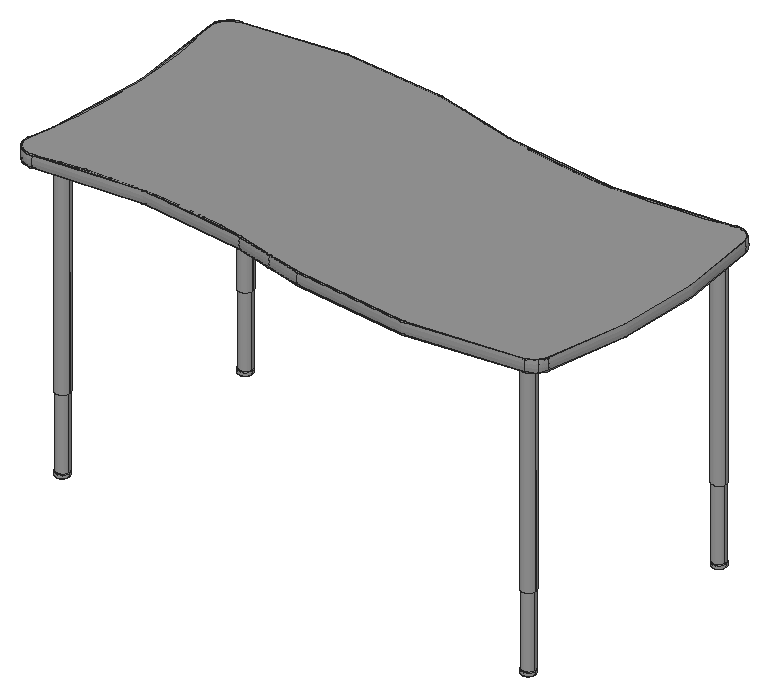
Revit family "Creator Rectangle - Shapes", category Generic Models, Revit 2018
Family settings
  Can host rebar = No
  Round Connector Dimension = Use Diameter
  Part Type = Normal
  Work Plane-Based = No
  Always vertical = Yes
  Cut with Voids When Loaded = No
  Shared = No
  Room Calculation Point = No
Parameters
  Surface = Creator Rectangle S Surface
  Shapes Leg Finish = Shapes Leg Platinum
  Table Height = 2' - 6"
  Caster/Glider = Shapes Leg - Glider : Shapes Leg - Glider
  Edgeband = Creator Rectangle S Edgeband
Reference planes (in)
  plane 1 "Center (Front/Back)": y = 0
  plane 2: z = 0
  plane 3 "Center (Left/Right)": x = 0
  plane 4: z = 30
Dimensions and locks (in)
  "Table Height": plane 4 to level
  aligned and locked: plane 2 to level
  aligned and locked: nested 1 to plane 4
Nested families (in)
  nested 1: "Creator Rectangle Tabletop" at (0, 0, 2.85825), type "Creator Rectangle Tabletop"
  nested 2: "Shapes Leg - Glider" at (-25, 15, 0), Leg Height <- "Table Height", Shapes Leg Finish <- "Shapes Leg Finish", type "Shapes Leg - Glider"
    with Shapes Leg Finish Shapes Leg Platinum, Leg Height 2' - 6"
  nested 3: "Shapes Leg - Glider" at (26, 14, 0), Leg Height <- "Table Height", type <- "Caster/Glider", Shapes Leg Finish <- "Shapes Leg Finish", type "Shapes Leg - Glider"
    with Shapes Leg Finish Shapes Leg Platinum, Leg Height 2' - 6"
  nested 4: "Shapes Leg - Glider" at (25, -10, 0), Leg Height <- "Table Height", type <- "Caster/Glider", Shapes Leg Finish <- "Shapes Leg Finish", type "Shapes Leg - Glider"
    with Shapes Leg Finish Shapes Leg Platinum, Leg Height 2' - 6"
  nested 5: "Shapes Leg - Glider" at (-26, -8, 0), Leg Height <- "Table Height", Shapes Leg Finish <- "Shapes Leg Finish", type "Shapes Leg - Glider"
    with Shapes Leg Finish Shapes Leg Platinum, Leg Height 2' - 6"
Definition of nested family "Creator Rectangle Tabletop"
  Parameters (values of type "Creator Rectangle Tabletop")
    Surface = none
    Edgeband = none
  Reference planes (in)
    plane 1 "Center (Front/Back)": y = 0
    plane 2: z = 0
    plane 3 "Center (Left/Right)": x = 0
  Forms (in)
    Extrusion 1, solid, material <- "Surface"
      sketch origin (0, 0, 0) x (1, 0, 0) y (0, 1, 0)
        loop
          arc (-29.19986, 15.69428) -> (-27.92865, 4.95224) -> (-28.62982, -5.842) r 59.30224
          arc (-28.62982, -5.842) -> (-28.855, -7.15657) -> (-29.11545, -8.4646) r 49.57917
          arc (-29.11545, -8.4646) -> (-28.65109, -10.13577) -> (-27.01458, -10.71045) r 1.87434
          arc (-27.01458, -10.71045) -> (-16.05787, -9.66468) -> (-5.10117, -10.71045) r 57.9207
          arc (-5.10117, -10.71045) -> (-3.13245, -11.12586) -> (-1.17961, -11.61048) r 57.02282
          arc (-1.17961, -11.61048) -> (0.67914, -12.07369) -> (2.5523, -12.47472) r 57.49771
          arc (2.5523, -12.47472) -> (14.45174, -13.54766) -> (26.31533, -12.13237) r 57.36355
          arc (26.31533, -12.13237) -> (26.85079, -11.92008) -> (27.29642, -11.55511) r 1.87289
          arc (27.29642, -11.55511) -> (27.56018, -11.17663) -> (27.72509, -10.74579) r 1.90258
          arc (27.72509, -10.74579) -> (29.38608, 1.99166) -> (28.11571, 14.77397) r 56.28179
          arc (28.11571, 14.77397) -> (27.25665, 15.98554) -> (25.78753, 16.20359) r 1.89202
          arc (25.78753, 16.20359) -> (13.85864, 14.95915) -> (1.92974, 16.20359) r 57.79602
          line (1.92974, 16.20359) -> (-1.00377, 16.90469) -> (-3.9174, 17.60126)
          arc (-3.9174, 17.60126) -> (-5.38721, 17.89033) -> (-6.8633, 18.14537) r 64.8201
          arc (-6.8633, 18.14537) -> (-17.31283, 18.84311) -> (-27.71151, 17.59929) r 56.47113
          arc (-27.71151, 17.59929) -> (-28.80104, 16.91661) -> (-29.19986, 15.69428) r 1.88603
      from 27.14175 to 28.39175
    Sweep 2, solid, material <- "Edgeband"
      path in 3D
        loop
          arc (27.72509, -10.74579, 28.39175) -> (27.56018, -11.17663, 28.39175) -> (27.29642, -11.55511, 28.39175) r 1.90258
          arc (27.29642, -11.55511, 28.39175) -> (26.85079, -11.92008, 28.39175) -> (26.31533, -12.13237, 28.39175) r 1.87289
          arc (26.31533, -12.13237, 28.39175) -> (14.45174, -13.54766, 28.39175) -> (2.5523, -12.47472, 28.39175) r 57.36355
          arc (2.5523, -12.47472, 28.39175) -> (0.67914, -12.07369, 28.39175) -> (-1.17961, -11.61048, 28.39175) r 57.49771
          arc (-1.17961, -11.61048, 28.39175) -> (-3.13245, -11.12586, 28.39175) -> (-5.10117, -10.71045, 28.39175) r 57.02282
          arc (-5.10117, -10.71045, 28.39175) -> (-16.05787, -9.66468, 28.39175) -> (-27.01458, -10.71045, 28.39175) r 57.9207
          arc (-27.01458, -10.71045, 28.39175) -> (-28.65109, -10.13577, 28.39175) -> (-29.11545, -8.4646, 28.39175) r 1.87434
          arc (-29.11545, -8.4646, 28.39175) -> (-28.855, -7.15657, 28.39175) -> (-28.62982, -5.842, 28.39175) r 49.57917
          arc (-28.62982, -5.842, 28.39175) -> (-27.92865, 4.95224, 28.39175) -> (-29.19986, 15.69428, 28.39175) r 59.30224
          arc (-29.19986, 15.69428, 28.39175) -> (-28.80104, 16.91661, 28.39175) -> (-27.71151, 17.59929, 28.39175) r 1.88603
          arc (-27.71151, 17.59929, 28.39175) -> (-17.31283, 18.84311, 28.39175) -> (-6.8633, 18.14537, 28.39175) r 56.47113
          arc (-6.8633, 18.14537, 28.39175) -> (-5.38721, 17.89033, 28.39175) -> (-3.9174, 17.60126, 28.39175) r 64.8201
          line (-3.9174, 17.60126, 28.39175) -> (-1.00377, 16.90469, 28.39175) -> (1.92974, 16.20359, 28.39175)
          arc (1.92974, 16.20359, 28.39175) -> (13.85864, 14.95915, 28.39175) -> (25.78753, 16.20359, 28.39175) r 57.79602
          arc (25.78753, 16.20359, 28.39175) -> (27.25665, 15.98554, 28.39175) -> (28.11571, 14.77397, 28.39175) r 1.89202
          arc (28.11571, 14.77397, 28.39175) -> (29.38608, 1.99166, 28.39175) -> (27.72509, -10.74579, 28.39175) r 56.28179
      profile origin (29.38608, 1.99166, 28.39175) x (0.999883, -0.015304, 0) y (0, 0, 1)
        loop
          arc (0.02473, -0.04019) -> (0.00719, -0.01258) -> (-0.02301, 0) r 0.05443
          line (-0.02301, 0) -> (-0.02301, -1.25)
          arc (-0.02301, -1.25) -> (0.00718, -1.23764) -> (0.02473, -1.21013) r 0.05394
          arc (0.02473, -1.21013) -> (0.10134, -0.62516) -> (0.02473, -0.04019) r 2.27143
  Lines and regions (in)
    sketch lines
      curve 1: arc (28.11571, 14.77397, 28.39175) -> (29.38608, 1.99166, 28.39175) -> (27.72509, -10.74579, 28.39175) r 56.28179
      curve 2: arc (25.78753, 16.20359, 28.39175) -> (27.25665, 15.98554, 28.39175) -> (28.11571, 14.77397, 28.39175) r 1.89202
      curve 3: arc (1.92974, 16.20359, 28.39175) -> (13.85864, 14.95915, 28.39175) -> (25.78753, 16.20359, 28.39175) r 57.79602
      curve 4: line (1.92974, 16.20359, 28.39175) -> (-1.00377, 16.90469, 28.39175)
      curve 5: arc (-6.8633, 18.14537, 28.39175) -> (-5.38721, 17.89033, 28.39175) -> (-3.9174, 17.60126, 28.39175) r 64.8201
      curve 6: line (-1.00377, 16.90469, 28.39175) -> (-3.9174, 17.60126, 28.39175)
      curve 7: arc (-27.71151, 17.59929, 28.39175) -> (-17.31283, 18.84311, 28.39175) -> (-6.8633, 18.14537, 28.39175) r 56.47113
      curve 8: arc (-29.19986, 15.69428, 28.39175) -> (-28.80104, 16.91661, 28.39175) -> (-27.71151, 17.59929, 28.39175) r 1.88603
      curve 9: arc (-28.62982, -5.842, 28.39175) -> (-27.92865, 4.95224, 28.39175) -> (-29.19986, 15.69428, 28.39175) r 59.30224
      curve 10: arc (-29.11545, -8.4646, 28.39175) -> (-28.855, -7.15657, 28.39175) -> (-28.62982, -5.842, 28.39175) r 49.57917
      curve 11: arc (-27.01458, -10.71045, 28.39175) -> (-28.65109, -10.13577, 28.39175) -> (-29.11545, -8.4646, 28.39175) r 1.87434
      curve 12: arc (-5.10117, -10.71045, 28.39175) -> (-16.05787, -9.66468, 28.39175) -> (-27.01458, -10.71045, 28.39175) r 57.9207
      curve 13: arc (-1.17961, -11.61048, 28.39175) -> (-3.13245, -11.12586, 28.39175) -> (-5.10117, -10.71045, 28.39175) r 57.02282
      curve 14: arc (2.5523, -12.47472, 28.39175) -> (0.67914, -12.07369, 28.39175) -> (-1.17961, -11.61048, 28.39175) r 57.49771
      curve 15: arc (26.31533, -12.13237, 28.39175) -> (14.45174, -13.54766, 28.39175) -> (2.5523, -12.47472, 28.39175) r 57.36355
      curve 16: arc (27.29642, -11.55511, 28.39175) -> (26.85079, -11.92008, 28.39175) -> (26.31533, -12.13237, 28.39175) r 1.87289
      curve 17: arc (27.72509, -10.74579, 28.39175) -> (27.56018, -11.17663, 28.39175) -> (27.29642, -11.55511, 28.39175) r 1.90258
  Dimensions and locks (in)
    aligned and locked: plane 2 to level
Definition of nested family "Shapes Leg - Glider"
  Parameters (values of type "Shapes Leg - Glider")
    Shapes Leg Finish [instance] = none
    Leg Height [instance] = 2' - 4 1/2"
  Reference planes (in)
    plane 1 "Center (Front/Back)": y = 0
    plane 2: z = 0
    plane 3 "Center (Left/Right)": x = 0
  Forms (in)
    Extrusion 1, solid
      sketch origin (-0.01562, 0, 0) x (1, 0, 0) y (0, 1, 0)
        loop
          circle (0.01563, 0) r 0.64906
      from 0.50586 to 20.17439
  Dimensions and locks (in)
    "Leg Height": nested 2 to level
    aligned and locked: plane 2 to level
  Automatic sketch dimensions
    plane 1 "Center (Front/Back)" to Extrusion 1 sketch curve = 0' - 0"
    Extrusion 1 sketch curve to plane 3 "Center (Left/Right)" = 0' - 0"
    radius of Extrusion 1 sketch curve = 0' - 0.64906"
  Nested families (in)
    nested 1: "Glider" at (0, 0, 0), type "Glider"
    nested 2: "Shapes Upper Leg" at (0, 0, 0), Shapes Leg Finish <- "Shapes Leg Finish", type "Shapes Upper Leg"
      with Shapes Leg Finish none
  Definition of nested family "Glider"
    Reference planes (in)
      plane 1 "Center (Front/Back)": y = 0
      plane 2: z = 0
      plane 3 "Center (Left/Right)": x = 0
    Forms (in)
      Revolve 1, solid
        sketch origin (0, 0, 0) x (1, 0, 0) y (0, 0, 1)
          loop
            line (0.26614, 0.50586) -> (0, 0.50586) -> (0, 0.09994) -> (0.71656, 0.09994) -> (0.71656, 0.37634)
            arc (0.71656, 0.37634) -> (0.70181, 0.41548) -> (0.66511, 0.43552) r 0.06011
            arc (0.66511, 0.43552) -> (0.46609, 0.45951) -> (0.26614, 0.47365) r 4.06535
            line (0.26614, 0.47365) -> (0.26614, 0.50586)
          axis (0, 0.50586) -> (0, 0.09994)
        angle from 0 to 360
      Revolve 2, solid
        sketch origin (0, 0, 0) x (1, 0, 0) y (0, 0, 1)
          loop
            line (0.65534, 0.1212) -> (0, 0.1212) -> (0, 0) -> (0.57593, 0)
            arc (0.57593, 0) -> (0.63208, 0.02326) -> (0.65534, 0.07941) r 0.07941
            line (0.65534, 0.07941) -> (0.65534, 0.1212)
          axis (0, 0.1212) -> (0, 0)
        angle from 0 to 360
    Dimensions and locks (in)
      aligned and locked: plane 2 to level
  Definition of nested family "Shapes Upper Leg"
    Parameters (values of type "Shapes Upper Leg")
      Shapes Leg Finish [instance] = none
    Reference planes (in)
      plane 1 "Center (Front/Back)": y = 0
      plane 2: z = 0
      plane 3 "Center (Left/Right)": x = 0
    Forms (in)
      Extrusion 1, solid, material <- "Shapes Leg Finish"
        sketch origin (0, 0, 0) x (1, 0, 0) y (0, 1, 0)
          loop
            circle (0, 0) r 0.75
        from 6.5 to 28.5
    Dimensions and locks (in)
      aligned and locked: plane 2 to level
